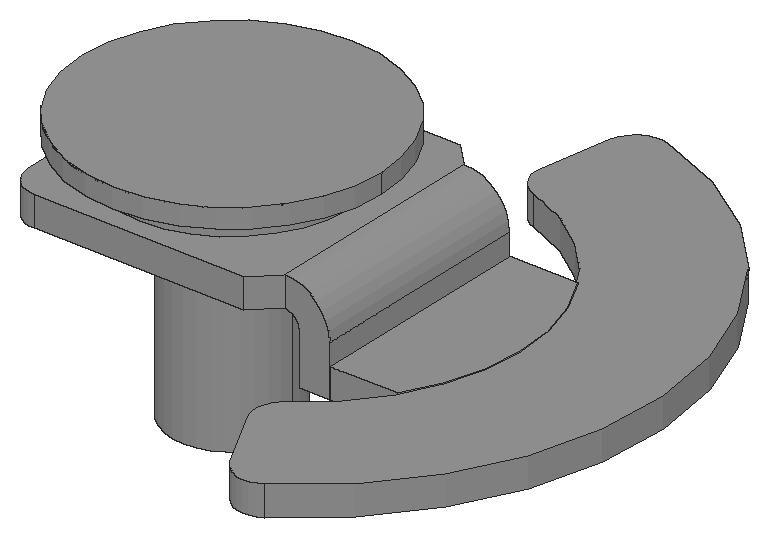
Revit family "Drehriegel- DRL H S FT", category Generic Models, Revit 2017
Family settings
  Can host rebar = No
  Round Connector Dimension = Use Diameter
  Part Type = Normal
  Work Plane-Based = No
  Always vertical = Yes
  Cut with Voids When Loaded = No
  Shared = No
  Room Calculation Point = No
Parameters (values of type "DRL H S FT")
  URL = "http://www.obo-bettermann.com"
  Material = Hot dip galvanised
  Manufacturer Art.No. = "6065018"
  Manufacturer = "OBO BETTERMANN"
  GTIN = "4012196689675"
  Article Type = "DRL H S FT"
Reference planes
  plane 1 "Center (Front/Back)": y = 0
  plane 2: z = 0
  plane 3 "Center (Left/Right)": x = 0
  plane 4: x = 20.5
  plane 5: y = 18
  plane 6: x = 16
  plane 7: y = 9
  plane 8: y = 16.5
  plane 9: y = 1.5
  plane 10: through (16, 18, 1200) normal (0.7071, 0.7071, 0)
  plane 11: y = 9
  plane 12: x = 8
  plane 13: y = 9
  plane 14: y = 30.46
  plane 15: y = -11.49
  plane 16: x = 35.8
  plane 17: through (15.974, 24.805, 1200) normal (-0.9826, 0.1855, 0)
  plane 18: through (18.553, -1.636, 1200) normal (0.8837, 0.4681, 0)
  plane 19: z = -2.433
  plane 20: y = 9
  plane 21: x = 8
  plane 22: z = -13
  plane 23: z = 3.7
  plane 24: z = 5
  plane 25: y = 19
  plane 26: y = -1
Forms (mm)
  Extrusion 1, solid, material "Hot dip galvanised" <- "Material"
    sketch origin (0, 0, 0) x (1, 0, 0) y (0, 0, 1)
      loop
        line (0, 0) -> (17.5, 0)
        arc (17.5, 0) -> (18.207, -0.293) -> (18.5, -1) r 1
        line (18.5, -1) -> (18.5, -4.433) -> (20.5, -4.433) -> (20.5, -1)
        arc (20.5, -1) -> (19.621, 1.121) -> (17.5, 2) r 3
        line (17.5, 2) -> (0, 2) -> (0, 0)
    from 0 to -18
  Extrusion 2, void
    sketch origin (0, 0, 0) x (1, 0, 0) y (0, 1, 0)
      loop
        arc (0, 16) -> (0.586, 17.414) -> (2, 18) r 2
        line (2, 18) -> (0, 18) -> (0, 16)
      loop
        line (0, 2) -> (0, 0) -> (2, 0)
        arc (2, 0) -> (0.586, 0.586) -> (0, 2) r 2
    from 0 to 2
  Extrusion 3, void
    sketch origin (0, 0, 0) x (1, 0, 0) y (0, 1, 0)
      loop
        line (16, 18) -> (17.5, 16.5) -> (20.5, 16.5) -> (20.5, 18) -> (16, 18)
      loop
        line (16, 0) -> (20.5, 0) -> (20.5, 1.5) -> (17.5, 1.5) -> (16, 0)
    from -4.433 to 2
  Extrusion 4, void
    sketch origin (0, 0, 0) x (1, 0, 0) y (0, 1, 0)
      loop
        arc (4.36, 13.25) -> (3.929, 13.071) -> (3.75, 12.64) r 0.61
        line (3.75, 12.64) -> (3.75, 5.38)
        arc (3.75, 5.38) -> (3.934, 4.934) -> (4.38, 4.75) r 0.63
        line (4.38, 4.75) -> (11.66, 4.75)
        arc (11.66, 4.75) -> (12.077, 4.923) -> (12.25, 5.34) r 0.59
        line (12.25, 5.34) -> (12.25, 12.609)
        arc (12.25, 12.609) -> (12.062, 13.062) -> (11.609, 13.25) r 0.641
        line (11.609, 13.25) -> (4.36, 13.25)
    from 0 to 2
  Extrusion 5, solid, material "Hot dip galvanised" <- "Material"
    sketch origin (0, 0, 0) x (1, 0, 0) y (0, 1, 0)
      loop
        arc (19.39, 31.1) -> (17.787, 30.882) -> (16.869, 29.55) r 2
        line (16.869, 29.55) -> (15.974, 24.805)
        arc (15.974, 24.805) -> (16.221, 23.411) -> (17.33, 22.529) r 2
        arc (17.33, 22.529) -> (27.12, 11.042) -> (21.17, -2.829) r 14.31
        arc (21.17, -2.829) -> (20.372, -3.999) -> (20.549, -5.405) r 2
        line (20.549, -5.405) -> (22.809, -9.671)
        arc (22.809, -9.671) -> (24.08, -10.672) -> (25.676, -10.406) r 2
        arc (25.676, -10.406) -> (35.821, 12.36) -> (19.39, 31.1) r 23.11
    from -4.433 to -2.433
  Extrusion 6, solid, material "Hot dip galvanised" <- "Material"
    sketch origin (0, 0, 0) x (1, 0, 0) y (0, 1, 0)
      loop
        line (20.5, 16.5) -> (20.5, 1.5) -> (25.096, 1.5)
        arc (25.096, 1.5) -> (27.282, 9) -> (25.096, 16.5) r 13.96
        line (25.096, 16.5) -> (20.5, 16.5)
    from -4.433 to -2.433
  Extrusion 7, solid, material "Hot dip galvanised" <- "Material"
    sketch origin (0, 0, 0) x (1, 0, 0) y (0, 1, 0)
      loop
        circle (8, 9) r 4.037
    from -13 to 2
  Extrusion 8, solid, material "Hot dip galvanised" <- "Material"
    sketch origin (0, 0, 0) x (1, 0, 0) y (0, 1, 0)
      loop
        circle (8, 9) r 7.75
    from 2 to 3.7
  Extrusion 9, solid, material "Hot dip galvanised" <- "Material"
    sketch origin (0, 0, 0) x (1, 0, 0) y (0, 1, 0)
      loop
        circle (8, 9) r 10
    from 3.7 to 5
Cuts and joins
  Extrusion 2, Extrusion 3, Extrusion 4 cuts Extrusion 1
Dimensions and locks
  locked: plane 4 to plane 3 "Center (Left/Right)" at 20.5
  locked: Extrusion 1 sketch curve to Extrusion 1 sketch curve at 2  (x2)
  locked: Extrusion 1 sketch curve to Extrusion 1 sketch curve at 20.5
  locked: Extrusion 1 to plane 5 at 18
  locked: Extrusion 1 to plane 6 at 16
  locked: cut or joined group of Extrusion 1, Extrusion 2, Extrusion 3, Extrusion 4 to plane 7 at 9
  locked: plane 8 to plane 7 at 7.5
  locked: plane 7 to plane 9 at 7.5
  locked: Extrusion 4 sketch curve to plane 11 at 4.25
  locked: Extrusion 4 sketch curve to Extrusion 4 sketch curve at 8.5  (x2)
  locked: Extrusion 4 sketch curve to plane 12 at 4.25
  locked: cut or joined group of Extrusion 1, Extrusion 2, Extrusion 3, Extrusion 4 to plane 11 at 9
  cut or joined group of Extrusion 1, Extrusion 2, Extrusion 3, Extrusion 4 to Extrusion 4 sketch curve = 3.75 mm
  Extrusion 4 sketch curve to plane 6 = 3.75 mm
  locked: plane 1 "Center (Front/Back)" to plane 13 at 9
  locked: plane 14 to cut or joined group of Extrusion 1, Extrusion 2, Extrusion 3, Extrusion 4 at 12.46
  plane 15 to cut or joined group of Extrusion 1, Extrusion 2, Extrusion 3, Extrusion 4 = 11.49 mm
  locked: plane 3 "Center (Left/Right)" to plane 16 at 35.8
  locked: plane 14 to plane 15 at 41.95
  locked: Extrusion 5 sketch curve to Extrusion 5 sketch curve at 23.11
  locked: Extrusion 5 sketch curve to plane 16 at 8.518
  locked: plane 6 to Extrusion 5 sketch curve at 20.082
  locked: plane 19 to Extrusion 5 at 2
  locked: Extrusion 6 sketch curve to Extrusion 6 sketch curve at 15
  locked: cut or joined group of Extrusion 1, Extrusion 2, Extrusion 3, Extrusion 4 to Extrusion 5 at 6.782
  locked: plane 21 to Extrusion 7 sketch curve at 0
  locked: plane 21 to Extrusion 7 sketch curve at 4.037
  locked: level to plane 22 at 13
  locked: plane 21 to Extrusion 8 sketch curve at 0
  locked: plane 21 to Extrusion 8 sketch curve at 7.75
  locked: plane 23 to cut or joined group of Extrusion 1, Extrusion 2, Extrusion 3, Extrusion 4 at 1.7
  locked: plane 21 to Extrusion 9 sketch curve at 0
  locked: plane 21 to Extrusion 9 sketch curve at 10
  locked: plane 24 to Extrusion 9 at 1.3
  plane 26 to plane 25 = 20 mm
  angle plane 18 to plane 17 = 141.40°
  aligned and locked: level to plane 2
  aligned and locked: Extrusion 1 sketch curve to plane 2
  aligned and locked: Extrusion 1 to level
  aligned and locked: Extrusion 1 to plane 3 "Center (Left/Right)"
  aligned and locked: plane 5 to Extrusion 1
  aligned and locked: Extrusion 2 to level
  aligned and locked: Extrusion 1 to Extrusion 2
  aligned and locked: Extrusion 3 to Extrusion 1  (x2)
  aligned and locked: Extrusion 4 to level
  aligned and locked: Extrusion 1 to Extrusion 4
  aligned and locked: Extrusion 5 to cut or joined group of Extrusion 1, Extrusion 2, Extrusion 3, Extrusion 4
  aligned and locked: plane 19 to Extrusion 5
  aligned and locked: cut or joined group of Extrusion 1, Extrusion 2, Extrusion 3, Extrusion 4 to Extrusion 6
  aligned and locked: Extrusion 5 to Extrusion 6
  aligned and locked: Extrusion 7 to plane 22
  aligned and locked: Extrusion 8 to cut or joined group of Extrusion 1, Extrusion 2, Extrusion 3, Extrusion 4
  aligned and locked: plane 23 to Extrusion 8
  aligned and locked: Extrusion 9 to Extrusion 8
  aligned and locked: plane 24 to Extrusion 9
Automatic sketch dimensions
  Extrusion 1 sketch curve to Extrusion 1 sketch curve = 0 mm
  Extrusion 1 sketch curve to plane 3 "Center (Left/Right)" = 0 mm
  Extrusion 1 sketch curve to Extrusion 1 sketch curve = 3.433 mm
  Extrusion 1 sketch curve to level = 1 mm
  Extrusion 2 sketch curve to plane 3 "Center (Left/Right)" = 0 mm  (x2)
  plane 1 "Center (Front/Back)" to Extrusion 2 sketch curve = 0 mm
  Extrusion 2 sketch curve to plane 5 = 0 mm
  plane 3 "Center (Left/Right)" to Extrusion 2 sketch curve = 2 mm
  Extrusion 2 sketch curve to plane 1 "Center (Front/Back)" = 2 mm
  Extrusion 3 sketch curve to plane 5 = 0 mm
  Extrusion 3 sketch curve to plane 6 = 0 mm  (x2)
  plane 1 "Center (Front/Back)" to Extrusion 3 sketch curve = 0 mm
  Extrusion 3 sketch curve to plane 9 = 0 mm
  Extrusion 3 sketch curve to plane 8 = 0 mm
  Extrusion 3 sketch curve to plane 10 = 0 mm
  plane 6 to Extrusion 3 sketch curve = 1.5 mm
  Extrusion 3 sketch curve to Extrusion 3 sketch curve = 3 mm  (x2)
  Extrusion 4 sketch curve to Extrusion 4 sketch curve = 0.61 mm
  Extrusion 4 sketch curve to Extrusion 4 sketch curve = 0.63 mm
  Extrusion 4 sketch curve to Extrusion 4 sketch curve = 0.641 mm
  Extrusion 4 sketch curve to Extrusion 4 sketch curve = 0.59 mm
  Extrusion 5 sketch curve to Extrusion 5 sketch curve = 0 mm  (x5)
  Extrusion 5 sketch curve to plane 17 = 0 mm  (x3)
  Extrusion 5 sketch curve to plane 18 = 0 mm  (x2)
  Extrusion 5 sketch curve to plane 6 = 0.026 mm
  plane 6 to Extrusion 5 sketch curve = 0.869 mm
  Extrusion 5 sketch curve to Extrusion 5 sketch curve = 1.767 mm  (x2)
  plane 15 to Extrusion 5 sketch curve = 1.819 mm
  Extrusion 6 sketch curve to plane 6 = 2.678 mm
  plane 6 to Extrusion 6 sketch curve = 9.096 mm  (x2)
  Extrusion 6 sketch curve to plane 1 "Center (Front/Back)" = 1.5 mm
  plane 6 to Extrusion 6 sketch curve = 4.5 mm
  Extrusion 7 sketch curve to plane 20 = 0 mm
  Extrusion 8 sketch curve to plane 20 = 0 mm
  Extrusion 9 sketch curve to plane 20 = 0 mm
